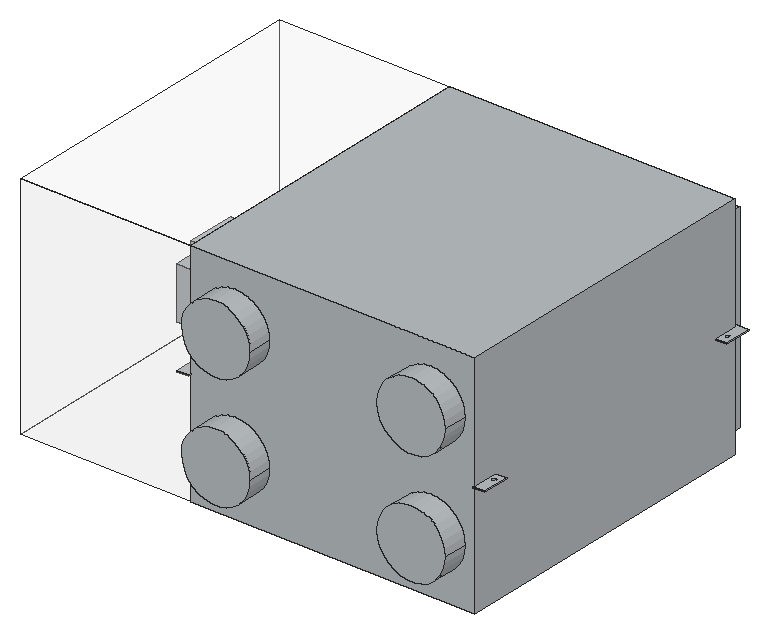
Revit family "lgh-rn150_200rxv2d_60Hz", category 機械設備, Revit 2019
Family settings
  丸型コネクタ寸法 = 直径を使用
  パーツ タイプ = 割り込み
  OmniClass 番号 = 23.75.10.34.21
  OmniClass タイトル = Heat Exchangers for Ventilation Air
  作業面ベース = いいえ
  常に垂直 = はい
  ロード時にボイドで切り取り = いいえ
  共有 = いいえ
  部屋計算ポイント = はい
Parameters (values of type "LGH-RN150RXV2D")
  騒音レベル(dB(A)) = 38.5
  風量 = MAX風量  # 1500.0 m³/h
  面風速 = 8.5 m/s
  電源種別 [instance] = "一般"
  電圧 = 200 V
  電動機出力 = 0 W
  集中コントローラ = ""
  運転質量 = 0.00 kg
  連動 [instance] = ""
  質量 = if(製品質量 > 運転質量, 製品質量, 運転質量) * 1.2  # 128.40 kg
  負荷分類 = 3_ファン類
  説明 = "業務用ロスナイ 天井埋込形 DCリプレースマイコン"
  設計風量 = 0.0 m³/h
  設置方法 = "天井吊(隠ぺい)形"
  記号 [instance] = ""
  製造元 = "三菱電機株式会社"
  製品質量 = 107.00 kg
  製品出荷対象 = "国内"
  製品リリース年月 = "2023/5/15"
  製品グループ = ""
  系統 [instance] = ""
  符号 [instance] = "HEU"
  積算_科目 = "1 空気調和設備"
  積算_拾い区分 [instance] = ""
  相 = 1
  盤記号 [instance] = ""
  発停方法 [instance] = ""
  特殊仕様 [instance] = ""
  点検口高さ = -Height / 2  # -404 mm
  点検口 = yes
  火災停止 [instance] = ""
  温度交換効率_特強 = 74.00%
  温度交換効率_強 = 74.00%
  温度交換効率_弱 = 76.50%
  消費電力 = 900 W
  法定耐用年数 = "15"
  機外静圧_排気 = 275.0 Pa
  機外静圧 = 275.0 Pa
  極数 = 3
  材質 [instance] = ""
  本体マテリアル = 溶融亜鉛めっき鋼板
  操作・制御方式 = ""
  操作・制御スイッチ = ""
  排気量 = 0.0 m³/h
  形式 = "天井埋込ダクト形"
  形名 = LGH-RN-4 : LGH-RN150-4
  幹線記号 [instance] = ""
  対象室 [instance] = ""
  始動方式 [instance] = "直入"
  外気量 = 設計風量  # 0.0 m³/h
  呼称 = "全熱交換ユニット"
  周波数 = 60 Hz
  吊りボルト-W = 1046 mm
  吊りボルト-D = 1030 mm
  参照している仕様書等のバージョン = ""
  初期抵抗 = 0.0 Pa
  分類コード = "50052504100070"
  分類グループ = ""
  価格 = 1248000
  企業コード = "108420"
  付属品_フィルター_還気 = ""
  付属品_フィルター = ""
  付属品 [instance] = ""
  仕様書バージョン = "Version1.0"
  モデル = "LGH-RN150RXV2D"
  ダクト高 = 700 mm
  ダクト径 = 250 mm
  ダクト幅 = 270 mm
  サービススペース = yes
  コメント [instance] = ""
  Keynote = ""
  エンタルピ交換効率_暖房_特強 = 76.00%
  エンタルピ交換効率_暖房_強 = 76.00%
  エンタルピ交換効率_暖房_弱 = 78.50%
  エンタルピ交換効率_冷房_特強 = 66.00%
  エンタルピ交換効率_冷房_強 = 66.00%
  エンタルピ交換効率_冷房_弱 = 68.50%
  Width = 1004 mm
  Version = ""
  Uniclass2015Version = "Systems v1.9"
  Uniclass2015Title = "Thermal wheels"
  Uniclass2015Code = "Pr_60_60_36_88"
  URL = "https://www.mitsubishielectric.co.jp/ldg/wink/qr/002/324436/"
  SpecificationReference = ""
  SpecificationDescription = ""
  SMAX風量 = 1500.0 m³/h
  SMAX静圧 = 275.0 Pa
  SAサイズ_D = 242 mm
  Revision = ""
  RAサイズ_D = 242 mm
  ProductInformation = ""
  OmniClassCode = "23-27 23 19 11"
  OAサイズ_W = 270 mm
  OAサイズ_D = 700 mm
  MIN風量 = 660.0 m³/h
  MIN静圧 = 47.0 Pa
  MID風量 = 1080.0 m³/h
  MID静圧 = 127.0 Pa
  MAX風量 = 1500.0 m³/h
  MAX静圧 = 245.0 Pa
  M2 = 49 mm
  M1 = 84 mm
  IfcTypeProduct = ""
  IfcProduct = ""
  IfcExportType = "ROTARYWHEEL"
  IfcExportAs = "IfcAirToAirHeatRecoveryType"
  Height = 808 mm
  EAサイズ_W = 270 mm
  EAサイズ_D = 700 mm
  Depth = 1144 mm
  Clearance Top = 0 mm  # constant formula
  Clearance Right = 0 mm  # constant formula
  Clearance Left = 600 mm  # constant formula
  Clearance Front = 0 mm  # constant formula
  Clearance Bottom = 0 mm  # constant formula
  Clearance Back = 0 mm  # constant formula
  Author = "三菱電機株式会社"
Types (2, lengths in mm): name | 騒音レベル(dB(A)) | 風量 | 面風速 | 質量 | 製品質量 | 温度交換効率_特強 | 温度交換効率_強 | 温度交換効率_弱 | 消費電力 | 機外静圧_排気 | 機外静圧 | 形名 | 吊りボルト-W | 価格 | モデル | エンタルピ交換効率_暖房_特強 | エンタルピ交換効率_暖房_強 | エンタルピ交換効率_暖房_弱 | エンタルピ交換効率_冷房_特強 | エンタルピ交換効率_冷房_強 | エンタルピ交換効率_冷房_弱 | Width | URL | SMAX風量 | SMAX静圧 | MIN風量 | MIN静圧 | MID風量 | MID静圧 | MAX風量 | MAX静圧
  LGH-RN150RXV2D | 38.5 | 1500.0 m³/h | 8.5 m/s | 128.40 kg | 107.00 kg | 74.00% | 74.00% | 76.50% | 900 W | 275.0 Pa | 275.0 Pa | LGH-RN-4 : LGH-RN150-4 | 1046 | 1248000 | "LGH-RN150RXV2D" | 76.00% | 76.00% | 78.50% | 66.00% | 66.00% | 68.50% | 1004 | "https://www.mitsubishielectric.co.jp/ldg/wink/qr/002/324436/" | 1500.0 m³/h | 275.0 Pa | 660.0 m³/h | 47.0 Pa | 1080.0 m³/h | 127.0 Pa | 1500.0 m³/h | 245.0 Pa
  LGH-RN200RXV2D | 41 | 2000.0 m³/h | 11.3 m/s | 140.40 kg | 117.00 kg | 73.00% | 73.00% | 75.00% | 1160 W | 225.0 Pa | 225.0 Pa | LGH-RN-4 : LGH-RN200-4 | 1273 | 1421000 | "LGH-RN200RXV2D" | 75.00% | 75.00% | 76.50% | 65.00% | 65.00% | 67.50% | 1231 | "https://www.mitsubishielectric.co.jp/ldg/wink/qr/002/324439/" | 2000.0 m³/h | 225.0 Pa | 880.0 m³/h | 32.0 Pa | 1440.0 m³/h | 86.0 Pa | 2000.0 m³/h | 165.0 Pa
Reference planes
  plane 1 "中心(正面/背面)": y = 0
  plane 2: z = 0
  plane 3 "中心(左/右)": x = 0
  plane 4 "4": x = 0
  plane 5 "3": x = 0
  plane 6 "左": x = -502
  plane 7 "右": x = 502
  plane 8 "背面": y = 572
  plane 9 "正面": y = -572
  plane 10: z = 404
  plane 11: y = 515
  plane 12: y = -515
  plane 13: x = 523
  plane 14: x = -523
  plane 15: z = -404
  plane 16: z = 404
  plane 17: z = -404
  plane 18: y = 572
  plane 19: x = 502
  plane 20: x = -1102
  plane 21: y = -572
  plane 22: y = 225
  plane 23: x = -652
  plane 24: y = -225
Dimensions and locks
  equal spacing: plane 6 "左", plane 5 "3", plane 7 "右"
  "Width": plane 6 "左" to plane 7 "右"
  equal spacing: plane 9 "正面", plane 1 "中心(正面/背面)", plane 8 "背面"
  "Depth": plane 9 "正面" to plane 8 "背面"
  equal spacing: plane 10, level, plane 15
  "Height": plane 10 to plane 15
  equal spacing: plane 14, plane 5 "3", plane 13
  "吊りボルト-W": plane 14 to plane 13
  equal spacing: plane 12, plane 1 "中心(正面/背面)", plane 11
  "吊りボルト-D": plane 12 to plane 11
  "Clearance Back": plane 8 "背面" to plane 18
  "Clearance Front": plane 21 to plane 9 "正面"
  "Clearance Right": plane 7 "右" to plane 19
  "Clearance Left": plane 20 to plane 6 "左"
  "Clearance Top": plane 16 to plane 10
  "Clearance Bottom": plane 15 to plane 17
  locked: plane 20 to plane 23 at 450
  equal spacing: plane 24, plane 1 "中心(正面/背面)", plane 22
  locked: plane 22 to plane 24 at 450
  aligned and locked: level to plane 2
  aligned and locked: nested 1 to plane 11
  aligned and locked: plane 12 to nested 1
  aligned and locked: plane 14 to nested 1
  aligned and locked: plane 13 to nested 1
  aligned and locked: plane 21 to nested 3
  aligned and locked: plane 20 to nested 3
  aligned and locked: plane 16 to nested 3
  aligned and locked: plane 17 to nested 3
  aligned and locked: plane 1 "中心(正面/背面)" to nested 2
  aligned and locked: nested 2 to plane 5 "3"
  aligned and locked: plane 18 to nested 3
  aligned and locked: plane 6 "左" to nested 3
  aligned and locked: plane 23 to nested 4
  aligned and locked: plane 20 to nested 4
  aligned and locked: nested 4 to plane 24
  aligned and locked: plane 22 to nested 4
Nested families
  nested 1: "固定点" at (-523, -515, 0), type "固定点"
    with W 1046 mm, D 1030 mm
  nested 2: "LGH-RN-4" at (0, 0, -404) x (0, -1, 0) z (0, 0, 1), type <- "形名", type "LGH-RN150-4"
  nested 3: "サービススペース" at (-802, 0, 0), visible <- "サービススペース", type "サービススペース"
    with Width 600 mm, Height 808 mm, Depth 1144 mm
  nested 4: "点検口設置範囲" at (-877, 0, -404), built-in parameter 1001364 <- "点検口高さ", visible <- "点検口", type "点検口設置範囲"
    with Width 450 mm, Depth 450 mm
Connectors
  hvac at (345, -656, 202), driven by "ダクト径", driven by "機外静圧", driven by "風量"
    settings: on nested 2, index 1, duct flow 1500.0 m³/h, flow factor 0, pres drop 275.0 Pa, loss coef 0, conn angle 0.00°, conn width 304.8 mm, conn height 304.8 mm, conn diameter 250 mm, duct sys type 2, conn prof type 0, flow config 0, flow direction 1, loss method 4, conn ref index -1, conn util no, is conn primary yes, conn desc ""
  hvac at (345, -656, -202), driven by "ダクト径", driven by "機外静圧", driven by "風量"
    settings: on nested 2, index 2, duct flow 1500.0 m³/h, flow factor 0, pres drop 275.0 Pa, loss coef 0, conn angle 0.00°, conn width 304.8 mm, conn height 304.8 mm, conn diameter 250 mm, duct sys type 2, conn prof type 0, flow config 0, flow direction 1, loss method 4, conn ref index -1, conn util no, is conn primary no, conn desc ""
  hvac at (-345, -656, 202), driven by "ダクト径", driven by "機外静圧", driven by "風量"
    settings: on nested 2, index 3, duct flow 1500.0 m³/h, flow factor 0, pres drop 275.0 Pa, loss coef 0, conn angle 0.00°, conn width 304.8 mm, conn height 304.8 mm, conn diameter 250 mm, duct sys type 1, conn prof type 0, flow config 0, flow direction 2, loss method 4, conn ref index -1, conn util no, is conn primary no, conn desc ""
  hvac at (-345, -656, -202), driven by "ダクト径", driven by "機外静圧", driven by "風量"
    settings: on nested 2, index 4, duct flow 1500.0 m³/h, flow factor 0, pres drop 275.0 Pa, loss coef 0, conn angle 0.00°, conn width 304.8 mm, conn height 304.8 mm, conn diameter 250 mm, duct sys type 1, conn prof type 0, flow config 0, flow direction 2, loss method 4, conn ref index -1, conn util no, is conn primary no, conn desc ""
  hvac at (345, 621, 0), driven by "機外静圧", driven by "排気量", driven by "ダクト高", driven by "ダクト幅"
    settings: on nested 2, index 5, duct flow 0.0 m³/h, flow factor 0, pres drop 275.0 Pa, loss coef 0, conn angle 0.00°, conn width 270 mm, conn height 700 mm, conn diameter 609.6 mm, duct sys type 3, conn prof type 1, flow config 0, flow direction 2, loss method 4, conn ref index -1, conn util no, is conn primary no, conn desc ""
  hvac at (-345, 621, 0), driven by "機外静圧", driven by "外気量", driven by "ダクト幅", driven by "ダクト高"
    settings: on nested 2, index 6, duct flow 0.0 m³/h, flow factor 0, pres drop 275.0 Pa, loss coef 0, conn angle 0.00°, conn width 270 mm, conn height 700 mm, conn diameter 609.6 mm, duct sys type 1, conn prof type 1, flow config 0, flow direction 1, loss method 4, conn ref index -1, conn util no, is conn primary no, conn desc ""
  electrical at (-559.5, -427, -18.5), driven by "極数", driven by "負荷分類", driven by "電圧", driven by "消費電力"
    settings: on nested 2, index 7, voltage 200 V, apparent load 900 VA, apparent load phase1 0 VA, apparent load phase2 0 VA, apparent load phase3 0 VA, power factor 1, load classification "3_ファン類", number of poles 3, system type 30, power factor state 1, is connector primary yes, connector utility no, sub classification motor no, connector description ""
Definition of nested family "LGH-RN-4"
  Parameters (values of type "LGH-RN150-4")
    吊りボルト-φ = 13 mm
    吊りボルト-W1 = 1030 mm
    吊りボルト-D1 = 1046 mm
    マテリアル = none
    ダクト間 = 690 mm
    ダクト-W = 270 mm
    ダクト-H = 700 mm
    コントロール手前位置 = 145 mm  # constant formula
    コントロール上位置 = 88 mm  # constant formula
    φ = 242 mm
    Φ = 258 mm
    吊りボルト-H = 0 mm
    M2 = 49 mm
    M1 = 84 mm
    W = 1144 mm
    H = 808 mm
    D = 1004 mm
    CO2センサー手前位置 = 176 mm  # constant formula
    CO2センサー上位置 = 201 mm  # constant formula
  Types (2, lengths in mm): name | 吊りボルト-D1 | ダクト間 | D
    LGH-RN200-4 | 1273 | 917 | 1231
    LGH-RN150-4 | 1046 | 690 | 1004
  Reference planes
    plane 1 "中心(正面/背面)": y = 0
    plane 2: z = 0
    plane 3 "中心(左/右)": x = 0
    plane 4: y = 502
    plane 5: y = 523
    plane 6: y = 543
    plane 7: y = -502
    plane 8: y = -523
    plane 9: y = -543
    plane 10: x = -572
    plane 11: x = 572
    plane 12: z = 404
    plane 13: x = -213
    plane 14: x = 656
    plane 15: x = -621
    plane 16: z = 202
    plane 17: y = 345
    plane 18: y = -345
    plane 19: x = -515
    plane 20: x = 515
    plane 21: x = 190.667
    plane 22: x = -190.667
    plane 23: y = -617
    plane 24: y = -692
    plane 25: x = 427
    plane 26: x = 381.333
    plane 27: x = 252
    plane 28: z = 336.667
    plane 29: z = 269.333
    plane 30: z = 134.667
    plane 31: z = 67.333
    plane 32: x = 396
    plane 33: x = 283
    plane 34: x = -581
    plane 35: x = 581
    plane 36: x = 485
    plane 37: x = -485
    plane 38: z = 404
    plane 39: z = 401
    plane 40: z = 606
    plane 41: z = 471.333
    plane 42: z = 538.667
    plane 43: z = 673.333
    plane 44: z = 740.667
    plane 45: z = 404
    plane 46: z = 808
    plane 47: y = 480
    plane 48: y = 210
    plane 49: y = -210
    plane 50: y = -480
    plane 51: z = 754
    plane 52: z = 54
    plane 53: z = 720
    plane 54: z = 607
    plane 55: z = 425
    plane 56: z = 51
  Forms (mm)
    Extrusion 1, solid, material <- "マテリアル", detail levels fine
      sketch origin (0, 0, 0) x (0, 1, 0) y (0, 0, -1)
        loop
          circle (-345, -202) r 121
        loop
          circle (345, -202) r 121
        loop
          circle (345, -606) r 121
        loop
          circle (-345, -606) r 121
      from -572 to -656
    Extrusion 2, solid, material <- "マテリアル", detail levels fine
      sketch origin (0, 0, 0) x (1, 0, 0) y (0, 1, 0)
        loop
          line (-581, 543) -> (-581, 502) -> (-485, 502) -> (-485, 543) -> (-581, 543)
        loop
          line (-581, -502) -> (-581, -543) -> (-485, -543) -> (-485, -502) -> (-581, -502)
        loop
          line (485, 543) -> (485, 502) -> (581, 502) -> (581, 543) -> (485, 543)
        loop
          line (485, -543) -> (581, -543) -> (581, -502) -> (485, -502) -> (485, -543)
        loop
          circle (-515, 523) r 6.5
        loop
          circle (515, 523) r 6.5
        loop
          circle (-515, -523) r 6.5
        loop
          circle (515, -523) r 6.5
      from 401 to 404
    Extrusion 3, solid, material <- "マテリアル", detail levels fine
      sketch origin (0, 0, 808) x (0, -1, 0) y (1, 0, 0)
        loop
          line (-502, -572) -> (502, -572) -> (502, 572) -> (-502, 572) -> (-502, -572)
      from 0 to -808
    Extrusion 4, solid, material <- "マテリアル", detail levels fine
      sketch origin (0, 0, 0) x (1, 0, 0) y (0, 0, 1)
        loop
          line (252, 720) -> (252, 51) -> (427, 51) -> (427, 720) -> (252, 720)
      from 502 to 617
    Extrusion 5, solid, material <- "マテリアル", detail levels fine
      sketch origin (0, 0, 0) x (1, 0, 0) y (0, 0, 1)
        loop
          line (283, 607) -> (283, 425) -> (396, 425) -> (396, 607) -> (283, 607)
      from 617 to 692
    Extrusion 6, solid, material <- "マテリアル", detail levels fine
      sketch origin (0, 0, 0) x (0, 1, 0) y (0, 0, 1)
        loop
          line (-210, 754) -> (-480, 754) -> (-480, 54) -> (-210, 54) -> (-210, 754)
        loop
          line (210, 754) -> (210, 54) -> (480, 54) -> (480, 754) -> (210, 754)
      from -621 to -572
  Dimensions and locks
    "W": plane 10 to plane 11
    "吊りボルト-D1": plane 8 to plane 5
    "D": plane 7 to plane 4
    equal spacing: plane 7, plane 1 "中心(正面/背面)", plane 4
    equal spacing: plane 10, plane 3 "中心(左/右)", plane 11
    "M2": plane 15 to plane 10
    "M1": plane 11 to plane 14
    equal spacing: plane 8, plane 1 "中心(正面/背面)", plane 5
    equal spacing: plane 18, plane 1 "中心(正面/背面)", plane 17
    "ダクト間": plane 18 to plane 17
    equal spacing: plane 19, plane 3 "中心(左/右)", plane 20
    "吊りボルト-W1": plane 19 to plane 20
    plane 15 to plane 14 = 1277 mm
    equal spacing: plane 10, plane 22, plane 21, plane 11
    plane 11 to plane 21 to plane 22 to plane 10 = 381.333 mm, 381.333 mm, 381.333 mm
    locked: plane 23 to plane 7 at 115
    locked: plane 24 to plane 7 at 190
    equal spacing: plane 12, plane 28, plane 29, plane 16, plane 30, plane 31, level
    locked: plane 5 to plane 6 at 20
    locked: plane 9 to plane 8 at 20
    locked: plane 38 to plane 39 at 3
    "吊りボルト-H": plane 12 to plane 38
    locked: plane 19 to plane 37 at 30
    locked: plane 36 to plane 20 at 30
    locked: plane 34 to plane 10 at 9
    locked: plane 11 to plane 35 at 9
    "H": plane 46 to level
    equal spacing: plane 46, plane 44, plane 43, plane 40, plane 42, plane 41, plane 12
    "吊りボルト-H": plane 45 to plane 12
    equal spacing: plane 48, plane 17, plane 47
    "ダクト-W": plane 48 to plane 47
    equal spacing: plane 50, plane 18, plane 49
    "ダクト-W": plane 50 to plane 49
    equal spacing: plane 51, plane 45, plane 52
    "ダクト-H": plane 51 to plane 52
    locked: plane 33 to plane 32 at 113
    locked: plane 27 to plane 25 at 175
    "CO2センサー手前位置": plane 32 to plane 11
    "コントロール手前位置": plane 25 to plane 11
    locked: plane 53 to plane 56 at 669
    "コントロール上位置": plane 46 to plane 53
    "CO2センサー上位置": plane 46 to plane 54
    locked: plane 54 to plane 55 at 182
    "φ": diameter of Extrusion 1 sketch curve  (x4)
    "吊りボルト-φ": diameter of Extrusion 2 sketch curve  (x4)
    aligned and locked: level to plane 2
    aligned and locked: plane 14 to Extrusion 1
    aligned and locked: plane 18 to Extrusion 1 sketch curve  (x2)
    aligned and locked: plane 16 to Extrusion 1 sketch curve  (x2)
    aligned and locked: plane 17 to Extrusion 1 sketch curve  (x2)
    aligned and locked: plane 6 to Extrusion 2 sketch curve  (x2)
    aligned and locked: plane 34 to Extrusion 2 sketch curve  (x2)
    aligned and locked: Extrusion 2 sketch curve to plane 4  (x2)
    aligned and locked: Extrusion 2 sketch curve to plane 37  (x2)
    aligned and locked: plane 7 to Extrusion 2 sketch curve
    aligned and locked: Extrusion 2 sketch curve to plane 9
    aligned and locked: Extrusion 2 sketch curve to plane 35
    aligned and locked: plane 9 to Extrusion 2 sketch curve
    aligned and locked: Extrusion 2 sketch curve to plane 7
    aligned and locked: plane 35 to Extrusion 2 sketch curve
    aligned and locked: plane 8 to Extrusion 2 sketch curve  (x2)
    aligned and locked: plane 5 to Extrusion 2 sketch curve  (x2)
    aligned and locked: plane 19 to Extrusion 2 sketch curve  (x2)
    aligned and locked: plane 20 to Extrusion 2 sketch curve  (x2)
    aligned and locked: Extrusion 2 to plane 39
    aligned and locked: plane 38 to Extrusion 2
    aligned and locked: Extrusion 2 sketch curve to plane 36  (x2)
    aligned and locked: Extrusion 3 to plane 46
    aligned and locked: plane 27 to Extrusion 4 sketch curve
    aligned and locked: plane 7 to Extrusion 4
    aligned and locked: plane 23 to Extrusion 4
    aligned and locked: plane 33 to Extrusion 5 sketch curve
    aligned and locked: Extrusion 5 sketch curve to plane 32
    aligned and locked: plane 23 to Extrusion 5
    aligned and locked: plane 24 to Extrusion 5
    aligned and locked: plane 40 to Extrusion 1 sketch curve  (x2)
    aligned and locked: plane 51 to Extrusion 6 sketch curve
    aligned and locked: Extrusion 6 sketch curve to plane 51
    aligned and locked: Extrusion 6 sketch curve to plane 52  (x2)
    aligned and locked: Extrusion 6 sketch curve to plane 47
    aligned and locked: Extrusion 6 sketch curve to plane 48
    aligned and locked: Extrusion 6 sketch curve to plane 49
    aligned and locked: Extrusion 6 sketch curve to plane 50
    aligned and locked: Extrusion 6 to plane 15
    aligned and locked: plane 10 to Extrusion 6
    aligned and locked: plane 55 to Extrusion 5 sketch curve
    aligned and locked: Extrusion 5 sketch curve to plane 54
    aligned and locked: Extrusion 4 sketch curve to plane 53
    aligned and locked: Extrusion 3 to level
    aligned and locked: Extrusion 4 to plane 56
    aligned and locked: Extrusion 1 to plane 11
  Automatic sketch dimensions
    plane 4 to Extrusion 3 sketch curve = 0 mm
    plane 7 to Extrusion 3 sketch curve = 0 mm
    Extrusion 3 sketch curve to plane 10 = 0 mm
    Extrusion 3 sketch curve to plane 11 = 0 mm
    Extrusion 4 sketch curve to plane 12 = 353 mm
    Extrusion 4 sketch curve to plane 25 = 0 mm
Definition of nested family "サービススペース"
  Parameters (values of type "サービススペース")
    Width [instance] = 500 mm
    Height [instance] = 500 mm
    Depth [instance] = 500 mm
  Reference planes
    plane 1 "中心(正面/背面)": y = 0
    plane 2: z = 0
    plane 3 "中心(左/右)": x = 0
    plane 4: y = -250
    plane 5: x = 250
    plane 6: y = 250
    plane 7: x = -250
    plane 8: z = 250
    plane 9: z = -250
  Forms (mm)
    Extrusion 1, solid
      sketch origin (-638.939, 0, 72.39) x (1, 0, 0) y (0, 1, 0)
        loop
          line (388.939, 250) -> (388.939, -250) -> (888.939, -250) -> (888.939, 250) -> (388.939, 250)
      from -322.39 to 177.61
  Lines and regions (mm)
    symbolic lines
      curve 1: line (-250, 0, 250) -> (250, 0, 250)
      curve 2: line (-250, 0, -250) -> (-250, 0, 250)
      curve 3: line (250, 0, -250) -> (-250, 0, -250)
      curve 4: line (250, 0, 250) -> (250, 0, -250)
      curve 5: line (0, -250, 250) -> (0, 250, 250)
      curve 6: line (0, -250, -250) -> (0, -250, 250)
      curve 7: line (0, 250, -250) -> (0, -250, -250)
      curve 8: line (0, 250, 250) -> (0, 250, -250)
      curve 9: line (-250, 250, 0) -> (250, 250, 0)
      curve 10: line (-250, -250, 0) -> (-250, 250, 0)
      curve 11: line (250, -250, 0) -> (-250, -250, 0)
      curve 12: line (250, 250, 0) -> (250, -250, 0)
  Dimensions and locks
    equal spacing: plane 7, plane 3 "中心(左/右)", plane 5
    equal spacing: plane 4, plane 1 "中心(正面/背面)", plane 6
    "Depth": plane 4 to plane 6
    "Width": plane 7 to plane 5
    equal spacing: plane 8, plane 2, plane 9
    "Height": plane 8 to plane 9
    aligned and locked: plane 9 to curve 3
    aligned and locked: plane 7 to curve 2
    aligned and locked: curve 4 to plane 5
    aligned and locked: plane 5 to Extrusion 1
    aligned and locked: Extrusion 1 to plane 7
    aligned and locked: Extrusion 1 to plane 9
    aligned and locked: plane 8 to Extrusion 1
    aligned and locked: plane 9 to curve 7
  Automatic sketch dimensions
    plane 4 to Extrusion 1 sketch curve = 0 mm
    Extrusion 1 sketch curve to plane 7 = 0 mm
    Extrusion 1 sketch curve to plane 5 = 0 mm
    plane 6 to Extrusion 1 sketch curve = 0 mm
    curve 2 to plane 8 = 0 mm
    plane 4 to curve 11 = 0 mm
    curve 11 to plane 7 = 0 mm
    curve 11 to plane 5 = 0 mm
    plane 6 to curve 10 = 0 mm
    curve 7 to plane 4 = 0 mm
    curve 7 to plane 6 = 0 mm
    curve 6 to plane 8 = 0 mm
Definition of nested family "固定点"
  Parameters (values of type "固定点")
    中心円 = 11 mm
    W [instance] = 1000 mm
    D [instance] = 1000 mm
  Reference planes
    plane 1 "中心(正面/背面)": y = 0
    plane 2: z = 0
    plane 3 "中心(左/右)": x = 0
    plane 4: x = 1000
    plane 5: y = 1000
  Lines and regions (mm)
    symbolic lines, detail levels fine
      curve 1: circle (0, 1000, 0) r 5.5 normal (0, 0, 1)
      curve 2: circle (0, 0, 0) r 5.5 normal (0, 0, 1)
      curve 3: circle (1000, 1000, 0) r 5.5 normal (0, 0, 1)
      curve 4: circle (1000, 0, 0) r 5.5 normal (0, 0, 1)
      curve 5: line (-200, 1000, 0) -> (1200, 1000, 0)
      curve 6: line (-200, 0, 0) -> (1200, 0, 0)
      curve 7: line (0, 1200, 0) -> (0, -200, 0)
      curve 8: line (1000, 1200, 0) -> (1000, -200, 0)
  Dimensions and locks
    "W": plane 3 "中心(左/右)" to plane 4
    "D": plane 1 "中心(正面/背面)" to plane 5
    "中心円": diameter of curve 1
    "中心円": diameter of curve 2
    "中心円": diameter of curve 3
    "中心円": diameter of curve 4
    aligned and locked: level to plane 2
    aligned and locked: plane 5 to curve 1
    aligned and locked: plane 3 "中心(左/右)" to curve 1
    aligned and locked: plane 3 "中心(左/右)" to curve 2
    aligned and locked: plane 1 "中心(正面/背面)" to curve 2
    aligned and locked: plane 4 to curve 3
    aligned and locked: plane 5 to curve 3
    aligned and locked: plane 1 "中心(正面/背面)" to curve 4
    aligned and locked: plane 4 to curve 4
    aligned and locked: plane 1 "中心(正面/背面)" to curve 6
    aligned and locked: curve 7 to plane 3 "中心(左/右)"
    aligned and locked: curve 8 to plane 4
  Automatic sketch dimensions
    curve 5 to plane 5 = 0 mm
    curve 6 to plane 3 "中心(左/右)" = 200 mm
    curve 5 to plane 3 "中心(左/右)" = 200 mm
    curve 4 to curve 6 = 200 mm
    curve 3 to curve 5 = 200 mm
    plane 1 "中心(正面/背面)" to curve 8 = 200 mm
    plane 1 "中心(正面/背面)" to curve 7 = 200 mm
    curve 3 to curve 8 = 200 mm
    curve 1 to curve 7 = 200 mm
Definition of nested family "点検口設置範囲"
  Parameters (values of type "点検口設置範囲")
    Width [instance] = 1000 mm
    Depth [instance] = 700 mm
  Reference planes
    plane 1 "中心(正面/背面)": y = 0
    plane 2: z = 0
    plane 3 "中心(左/右)": x = 0
    plane 4: x = -500
    plane 5: x = 500
    plane 6: y = -350
    plane 7: y = 350
  Lines and regions (mm)
    model lines
      curve 1: line (-500, 350, 0) -> (500, 350, 0)
      curve 2: line (-500, -350, 0) -> (-500, 350, 0)
      curve 3: line (500, -350, 0) -> (-500, -350, 0)
      curve 4: line (500, 350, 0) -> (500, -350, 0)
  Dimensions and locks
    "Depth": plane 7 to plane 6
    "Width": plane 4 to plane 5
    equal spacing: plane 7, plane 1 "中心(正面/背面)", plane 6
    equal spacing: plane 4, plane 3 "中心(左/右)", plane 5
    aligned and locked: level to plane 2
    aligned and locked: plane 4 to curve 2
    aligned and locked: curve 1 to plane 7
    aligned and locked: curve 4 to plane 5
    aligned and locked: plane 6 to curve 3
